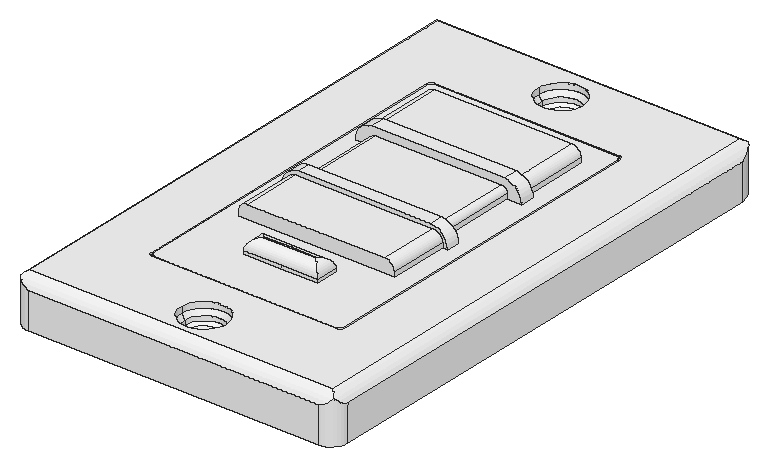
Revit family "iwszp3p", category Communication Devices, host Face, Revit 2014
Parameters
  Warranty = "5-Years Warranty"  # constant formula
  Type Comments = "Automatic Passive Infrared Wall Switch Sensor"  # constant formula
  Standby Power = "120VAC: 0.1,277VAC: 0.1,347VAC: 0.4"  # constant formula
  Product Page URL = "https://www.hubbell.com/hubbellcontrolsolutions/en/Products/Lighting-Controls/Lighting-Controls-Sensors/Wallbox-Occupancy-Sensors/IWSZP3P/p/220893"
  Product Documentation Link = "https://hubbellcdn.com/specsheet/1108a_iwszp3p_cutsheet.pdf"
  URL = "https://www.hubbell.com/hubbellcontrolsolutions/en"
  Model = "NX Series Network Lighting Control Panels"  # constant formula
  Manufacturer = "Hubbell Control Solutions"  # constant formula
  Width = 2.75"
  Features = "Zero Arc Point Switching\r\n• No minimum load requirement\r\n• Adjustable time delay and sensitivity\r\n• Built-in photocell\r\n• Walk test indicator\r\n• Dual 120/277VAC operation\r\n• UL and cUL listed\r\n• Five-year limited warranty\r\n• 120-277 Vac"  # constant formula
  Black = Paint - Hubbell - Carbon Black
  Height = 4.50"
  White = Paint - Hubbell - Matte White
  Description = "The IWSZP3P is an automatic passive infrared wall switch occupancy sensor\r\nthat provides excellent energy savings as well as reliable motion detection.\r\nThe sensors’ low profile housing design provides the perfect wall switch for\r\napplications including private offices, conference rooms, break rooms, lounges\r\nand storage areas. "  # constant formula
  Default Elevation = 48.00"
  Create Date = "01/23/2019"
  Copyright = "Copyright © 2018 Hubbell Control Solutions"  # constant formula
  Contact Us = "https://www.hubbell.com/hubbellcontrolsolutions/en/contactUs"
  Assembly Code = "D5090"
Reference planes (in)
  plane 1 "Center (Front/Back)": y = 13.01342
  plane 2: z = 0
  plane 3 "Center (Left/Right)": x = 0
  plane 4: x = -1.375
  plane 5: x = 1.375
  plane 6: y = 15.26342
  plane 7: y = 10.76342
  plane 8: z = -1.35
  plane 9: z = 0.3
Forms (in)
  Extrusion 1, solid, material "Paint - Hubbell - Matte White" <- "White"
    sketch origin (0, 0, -0.5) x (1, 0, 0) y (0, 1, 0)
      loop
        arc (-1.17464, 15.26342) -> (-1.31632, 15.20473) -> (-1.375, 15.06306) r 0.20036
        line (-1.375, 15.06306) -> (-1.375, 10.91856)
        arc (-1.375, 10.91856) -> (-1.32956, 10.80886) -> (-1.21986, 10.76342) r 0.15514
        line (-1.21986, 10.76342) -> (1.23768, 10.76342)
        arc (1.23768, 10.76342) -> (1.33478, 10.80364) -> (1.375, 10.90074) r 0.13732
        line (1.375, 10.90074) -> (1.375, 15.08233)
        arc (1.375, 15.08233) -> (1.32196, 15.21038) -> (1.19391, 15.26342) r 0.18109
        line (1.19391, 15.26342) -> (-1.17464, 15.26342)
    from 0.8 to 0.4
  Extrusion 2, solid, material "Paint - Hubbell - Matte White" <- "White"
    sketch origin (0, 13.01342, 0) x (1, 0, 0) y (0, 0, 1)
      loop
        line (-0.66063, 0.3) -> (0, 0.3) -> (0.66063, 0.3) -> (0.66063, 0.33734)
        arc (0.66063, 0.33734) -> (0.6372, 0.39391) -> (0.58063, 0.41734) r 0.08
        arc (0.58063, 0.41734) -> (0, 0.4438) -> (-0.58063, 0.41734) r 6.38332
        arc (-0.58063, 0.41734) -> (-0.6372, 0.39391) -> (-0.66063, 0.33734) r 0.08
        line (-0.66063, 0.33734) -> (-0.66063, 0.3)
    from 0.72657 to 0.21808
  Extrusion 3, solid, material "Paint - Hubbell - Matte White" <- "White"
    sketch origin (0, 13.01342, 0) x (1, 0, 0) y (0, 0, -1)
      loop
        line (-0.66063, -0.3) -> (-0.66063, -0.33734)
        arc (-0.66063, -0.33734) -> (-0.6372, -0.39391) -> (-0.58063, -0.41734) r 0.08
        arc (-0.58063, -0.41734) -> (0, -0.4438) -> (0.58063, -0.41734) r 6.38332
        arc (0.58063, -0.41734) -> (0.6372, -0.39391) -> (0.66063, -0.33734) r 0.08
        line (0.66063, -0.33734) -> (0.66063, -0.3) -> (0, -0.3) -> (-0.66063, -0.3)
    from 1.25 to 0.68653
  Extrusion 4, solid, material "Paint - Hubbell - Matte White" <- "White"
    sketch origin (0, 13.01342, 0) x (1, 0, 0) y (0, 0, 1)
      loop
        line (-0.70457, 0.3) -> (0.70457, 0.3)
        arc (0.70457, 0.3) -> (0.66393, 0.40189) -> (0.56615, 0.45161) r 0.15553
        arc (0.56615, 0.45161) -> (0.00236, 0.47441) -> (-0.56145, 0.45205) r 7.05064
        arc (-0.56145, 0.45205) -> (-0.66232, 0.40362) -> (-0.70457, 0.3) r 0.15553
    from 0.21808 to 0.10621
  Extrusion 5, solid, material "Paint - Hubbell - Matte White" <- "White"
    sketch origin (0, 13.01342, 0) x (1, 0, 0) y (0, 0, 1)
      loop
        line (-0.58127, 0.3) -> (0.58327, 0.3) -> (0.58327, 0.34024)
        arc (0.58327, 0.34024) -> (0.56899, 0.3747) -> (0.53452, 0.38898) r 0.04874
        line (0.53452, 0.38898) -> (-0.53069, 0.38898)
        arc (-0.53069, 0.38898) -> (-0.56646, 0.37416) -> (-0.58127, 0.33839) r 0.05059
        line (-0.58127, 0.33839) -> (-0.58127, 0.3)
    from 0.10621 to -0.565
  Extrusion 6, solid, material "Paint - Hubbell - Matte White" <- "White"
    sketch origin (0, 13.01342, 0) x (1, 0, 0) y (0, 0, -1)
      loop
        arc (-0.70457, -0.3) -> (-0.66232, -0.40362) -> (-0.56145, -0.45205) r 0.15553
        arc (-0.56145, -0.45205) -> (0.00236, -0.47441) -> (0.56615, -0.45161) r 7.05064
        arc (0.56615, -0.45161) -> (0.66393, -0.40189) -> (0.70457, -0.3) r 0.15553
        line (0.70457, -0.3) -> (-0.70457, -0.3)
    from 0.68653 to 0.565
  Extrusion 7, void
    sketch origin (0, 0, 0) x (1, 0, 0) y (0, 1, 0)
      loop
        arc (-0.74834, 14.48155) -> (-0.77815, 14.4692) -> (-0.7905, 14.43939) r 0.04216
        line (-0.7905, 14.43939) -> (-0.7905, 11.55448)
        arc (-0.7905, 11.55448) -> (-0.77828, 11.52499) -> (-0.74879, 11.51277) r 0.04171
        line (-0.74879, 11.51277) -> (0.78336, 11.51277)
        arc (0.78336, 11.51277) -> (0.81271, 11.52493) -> (0.82486, 11.55427) r 0.0415
        line (0.82486, 11.55427) -> (0.82486, 14.43882)
        arc (0.82486, 14.43882) -> (0.81235, 14.46903) -> (0.78213, 14.48155) r 0.04273
        line (0.78213, 14.48155) -> (-0.74834, 14.48155)
      loop
        arc (-0.76556, 14.49592) -> (-0.79336, 14.48441) -> (-0.80487, 14.45661) r 0.03931
        line (-0.80487, 14.45661) -> (-0.80487, 11.54146)
        arc (-0.80487, 11.54146) -> (-0.79226, 11.51101) -> (-0.76181, 11.4984) r 0.04306
        line (-0.76181, 11.4984) -> (0.80083, 11.4984)
        arc (0.80083, 11.4984) -> (0.82799, 11.50965) -> (0.83924, 11.53681) r 0.03841
        line (0.83924, 11.53681) -> (0.83924, 14.4524)
        arc (0.83924, 14.4524) -> (0.82649, 14.48318) -> (0.79571, 14.49592) r 0.04353
        line (0.79571, 14.49592) -> (-0.76556, 14.49592)
    from 0.3 to 0.29
  Extrusion 8, solid, material "Paint - Hubbell - Matte White" <- "White"
    sketch origin (0, 0, 0) x (1, 0, 0) y (0, 1, 0)
      loop
        line (0, 12.09952) -> (-0.3125, 12.09952) -> (-0.3125, 11.90739) -> (0, 11.90739) -> (0.3125, 11.90739) -> (0.3125, 12.09952) -> (0, 12.09952)
    from 0.41734 to 0.3
  Sweep 9, void
    path in 3D
      loop
        line (-0.3125, 12.09952, 0.41734) -> (-0.3125, 11.90739, 0.41734) -> (0.3125, 11.90739, 0.41734) -> (0.3125, 12.09952, 0.41734) -> (0, 12.09952, 0.41734) -> (-0.3125, 12.09952, 0.41734)
    profile origin (-0.15625, 12.09952, 0.41734) x (0, -1, 0) y (0, 0, 1)
      loop
        line (0.09, 0) -> (0, 0) -> (0, -0.09)
        arc (0, -0.09) -> (0.02636, -0.02636) -> (0.09, 0) r 0.09
  Sweep 10, void
    path in 3D
      loop
        line (-1.375, 15.26342, 0.3) -> (-1.375, 10.76342, 0.3) -> (1.375, 10.76342, 0.3) -> (1.375, 15.26342, 0.3) -> (-1.375, 15.26342, 0.3)
    profile origin (0, 15.26342, 0.3) x (0, -1, 0) y (0, 0, 1)
      loop
        line (0, 0) -> (0, -0.09693)
        arc (0, -0.09693) -> (0.0368, -0.04055) -> (0.09054, 0) r 0.19544
        line (0.09054, 0) -> (0, 0)
  Revolve 11, void
    sketch origin (0, 14.87806, -0.5) x (1, 0, 0) y (0, 0, 1)
      loop
        line (0, 0.8) -> (0, 0.51463) -> (0.05002, 0.51463) -> (0.07896, 0.56476) -> (0.11566, 0.60146) -> (0.13962, 0.64297) -> (0.1657, 0.66904) -> (0.1657, 0.70528) -> (0.1922, 0.75117) -> (0.1922, 0.8) -> (0, 0.8)
      axis (0, 0.8) -> (0, 0.51463)
    angle from 0 to 360
  Revolve 12, void
    sketch origin (0, 11.09463, -0.5) x (1, 0, 0) y (0, 0, 1)
      loop
        line (0, 0.8) -> (0, 0.51463) -> (0.05002, 0.51463) -> (0.07896, 0.56476) -> (0.11566, 0.60146) -> (0.13962, 0.64297) -> (0.1657, 0.66904) -> (0.1657, 0.70528) -> (0.1922, 0.75117) -> (0.1922, 0.8) -> (0, 0.8)
      axis (0, 0.8) -> (0, 0.51463)
    angle from 0 to 360
Cuts and joins
  Extrusion 7, Sweep 10, Revolve 11, Revolve 12 cuts Extrusion 1
  Sweep 9, Sweep 10, Revolve 11, Revolve 12 cuts Extrusion 8
  joined: Extrusion 1, Extrusion 8
  joined: Extrusion 2, Extrusion 3, Extrusion 4, Extrusion 5, Extrusion 6
Lines and regions (in)
  sketch lines
    curve 1: line (0, 12.09952, 0.41734) -> (-0.3125, 12.09952, 0.41734)
    curve 2: line (0.3125, 12.09952, 0.41734) -> (0, 12.09952, 0.41734)
    curve 3: line (0.3125, 11.90739, 0.41734) -> (0.3125, 12.09952, 0.41734)
    curve 4: line (-0.3125, 12.09952, 0.41734) -> (-0.3125, 11.90739, 0.41734)
    curve 5: line (-0.3125, 11.90739, 0.41734) -> (0.3125, 11.90739, 0.41734)
    curve 6: line (1.375, 15.26342, 0.3) -> (-1.375, 15.26342, 0.3)
    curve 7: line (-1.375, 15.26342, 0.3) -> (-1.375, 10.76342, 0.3)
    curve 8: line (-1.375, 10.76342, 0.3) -> (1.375, 10.76342, 0.3)
    curve 9: line (1.375, 10.76342, 0.3) -> (1.375, 15.26342, 0.3)
Dimensions and locks (in)
  plane 2 to plane 8 = 1.35"
  "Width": plane 4 to plane 5
  equal spacing: plane 4, plane 3 "Center (Left/Right)", plane 5
  "Height": plane 7 to plane 6
  equal spacing: plane 7, plane 1 "Center (Front/Back)", plane 6
  plane 9 to plane 8 = 1.65"
  aligned and locked: plane 2 to host face
  aligned and locked: level to host face
  aligned and locked: Extrusion 4 to Extrusion 2
  aligned and locked: Extrusion 5 to Extrusion 4
Automatic sketch dimensions
  host sketch curve to host sketch curve = 96.00"  (x2)
  Extrusion 1 sketch curve to plane 4 = 0.00"
  plane 7 to Extrusion 1 sketch curve = 0.00"
  plane 6 to Extrusion 1 sketch curve = 0.00"
  Extrusion 1 sketch curve to plane 5 = 0.00"
  plane 4 to Extrusion 1 sketch curve = 0.15514"
  plane 4 to Extrusion 1 sketch curve = 0.20036"
  Extrusion 1 sketch curve to Extrusion 1 sketch curve = 0.18109"
  Extrusion 1 sketch curve to plane 5 = 0.13732"
  Extrusion 2 sketch curve to plane 9 = 0.00"
  Extrusion 2 sketch curve to plane 3 "Center (Left/Right)" = 0.00"  (x2)
  Extrusion 2 sketch curve to plane 9 = 0.03734"  (x2)
  Extrusion 2 sketch curve to plane 3 "Center (Left/Right)" = 0.58063"
  Extrusion 2 sketch curve to Extrusion 2 sketch curve = 0.08"
  plane 3 "Center (Left/Right)" to Extrusion 2 sketch curve = 0.58063"
  plane 8 to Extrusion 2 sketch curve = 4.58952"
  Extrusion 3 sketch curve to plane 9 = 0.00"
  Extrusion 3 sketch curve to plane 3 "Center (Left/Right)" = 0.00"  (x2)
  Extrusion 3 sketch curve to plane 9 = 0.03734"  (x2)
  Extrusion 3 sketch curve to plane 3 "Center (Left/Right)" = 0.58063"
  Extrusion 3 sketch curve to Extrusion 3 sketch curve = 0.08"
  plane 3 "Center (Left/Right)" to Extrusion 3 sketch curve = 0.58063"
  plane 8 to Extrusion 3 sketch curve = 4.58952"
  Extrusion 4 sketch curve to plane 9 = 0.00"
  plane 4 to Extrusion 4 sketch curve = 0.67043"
  plane 9 to Extrusion 4 sketch curve = 0.00298"  (x2)
  Extrusion 4 sketch curve to Extrusion 4 sketch curve = 0.1555"  (x2)
  Extrusion 4 sketch curve to plane 3 "Center (Left/Right)" = 0.00044"
  plane 3 "Center (Left/Right)" to Extrusion 4 sketch curve = 0.54907"
  plane 8 to Extrusion 4 sketch curve = 5.22623"
  Extrusion 4 sketch curve to Extrusion 4 sketch curve = 0.00"
  Extrusion 5 sketch curve to plane 9 = 0.00"
  Extrusion 5 sketch curve to plane 9 = 0.03839"
  Extrusion 5 sketch curve to plane 3 "Center (Left/Right)" = 0.58127"
  Extrusion 5 sketch curve to Extrusion 5 sketch curve = 0.05059"
  Extrusion 5 sketch curve to plane 9 = 0.04024"
  plane 3 "Center (Left/Right)" to Extrusion 5 sketch curve = 0.53452"
  Extrusion 6 sketch curve to plane 9 = 0.00"
  plane 4 to Extrusion 6 sketch curve = 0.67043"
  plane 9 to Extrusion 6 sketch curve = 0.00298"  (x2)
  Extrusion 6 sketch curve to Extrusion 6 sketch curve = 0.1555"  (x2)
  Extrusion 6 sketch curve to plane 3 "Center (Left/Right)" = 0.00044"
  plane 3 "Center (Left/Right)" to Extrusion 6 sketch curve = 0.54907"
  plane 8 to Extrusion 6 sketch curve = 5.22623"
  Extrusion 6 sketch curve to Extrusion 6 sketch curve = 0.00"
  plane 4 to Extrusion 7 sketch curve = 0.57013"
  Extrusion 7 sketch curve to Extrusion 7 sketch curve = 0.01438"
  Extrusion 7 sketch curve to Extrusion 7 sketch curve = 0.02494"
  Extrusion 7 sketch curve to Extrusion 7 sketch curve = 0.02869"
  Extrusion 7 sketch curve to Extrusion 7 sketch curve = 0.01302"
  Extrusion 7 sketch curve to Extrusion 7 sketch curve = 0.01722"
  Extrusion 7 sketch curve to plane 5 = 0.59287"
  Extrusion 7 sketch curve to plane 5 = 0.59164"
  Extrusion 7 sketch curve to Extrusion 7 sketch curve = 0.01358"  (x2)
  Extrusion 7 sketch curve to Extrusion 7 sketch curve = 0.01746"
  Extrusion 7 sketch curve to Extrusion 7 sketch curve = 0.02404"
  Extrusion 7 sketch curve to Extrusion 7 sketch curve = 0.01437"  (x2)
  Extrusion 7 sketch curve to plane 7 = 0.73498"
  plane 6 to Extrusion 7 sketch curve = 0.8246"
  Extrusion 8 sketch curve to plane 3 "Center (Left/Right)" = 0.00"  (x2)
  Extrusion 8 sketch curve to plane 3 "Center (Left/Right)" = 0.3125"
  Extrusion 8 sketch curve to Extrusion 8 sketch curve = 0.3125"
  plane 1 "Center (Front/Back)" to Extrusion 8 sketch curve = 1.10603"
  Extrusion 8 sketch curve to Extrusion 8 sketch curve = 0.19214"
  Sweep 9 sketch curve to profile plane = 0.00"  (x2)
  Sweep 9 sketch curve to Sweep 9 sketch curve = 0.09"
  Sweep 10 sketch curve to profile plane = 0.00"  (x2)
  Sweep 10 sketch curve to profile plane = 0.09054"
  Sweep 10 sketch curve to profile plane = 0.17962"
  Sweep 10 sketch curve to Sweep 10 sketch curve = 0.09693"
  Revolve 11 sketch curve to plane 3 "Center (Left/Right)" = 0.00"  (x2)
  Revolve 11 sketch curve to plane 9 = 0.00"
  level to Revolve 11 sketch curve = 0.01463"
  plane 3 "Center (Left/Right)" to Revolve 11 sketch curve = 0.05002"
  Revolve 11 sketch curve to Revolve 11 sketch curve = 0.02894"
  Revolve 11 sketch curve to Revolve 11 sketch curve = 0.0367"  (x2)
  Revolve 11 sketch curve to Revolve 11 sketch curve = 0.02397"
  Revolve 11 sketch curve to Revolve 11 sketch curve = 0.02607"  (x2)
  Revolve 11 sketch curve to Revolve 11 sketch curve = 0.0265"
  Revolve 11 sketch curve to Revolve 11 sketch curve = 0.05013"
  Revolve 11 sketch curve to Revolve 11 sketch curve = 0.04151"
  Revolve 11 sketch curve to Revolve 11 sketch curve = 0.03623"
  plane 9 to Revolve 11 sketch curve = 0.04883"
  plane 8 to Revolve 11 sketch curve = 23.27"
  Revolve 11 sketch curve to Revolve 11 sketch curve = 54.72668"
  Revolve 12 sketch curve to plane 3 "Center (Left/Right)" = 0.00"  (x2)
  Revolve 12 sketch curve to plane 9 = 0.00"
  level to Revolve 12 sketch curve = 0.01463"
  plane 3 "Center (Left/Right)" to Revolve 12 sketch curve = 0.05002"
  Revolve 12 sketch curve to Revolve 12 sketch curve = 0.02894"
  Revolve 12 sketch curve to Revolve 12 sketch curve = 0.0367"  (x2)
  Revolve 12 sketch curve to Revolve 12 sketch curve = 0.02397"
  Revolve 12 sketch curve to Revolve 12 sketch curve = 0.02607"  (x2)
  Revolve 12 sketch curve to Revolve 12 sketch curve = 0.0265"
  Revolve 12 sketch curve to Revolve 12 sketch curve = 0.05013"
  Revolve 12 sketch curve to Revolve 12 sketch curve = 0.04151"
  Revolve 12 sketch curve to Revolve 12 sketch curve = 0.03623"
  plane 9 to Revolve 12 sketch curve = 0.04883"
  plane 8 to Revolve 12 sketch curve = 23.27"
  Revolve 12 sketch curve to Revolve 12 sketch curve = 54.72668"
Connectors (in)
  electrical at (0.00464, 13.0023, -0.1)
    settings: on cut or joined group of Extrusion 1, Extrusion 7, Extrusion 8, Sweep 9, Sweep 10, Revolve 11, Revolve 12, index 1, voltage 0 V, apparent load 0 VA, apparent load phase1 0 VA, apparent load phase2 0 VA, apparent load phase3 0 VA, power factor 1, load classification "Other", number of poles 1, system type 13, power factor state 1, is connector primary yes, connector utility no, sub classification motor no, connector description "Manual On/ Auto OFF Passive Infrared Wall Switch Sensor"
